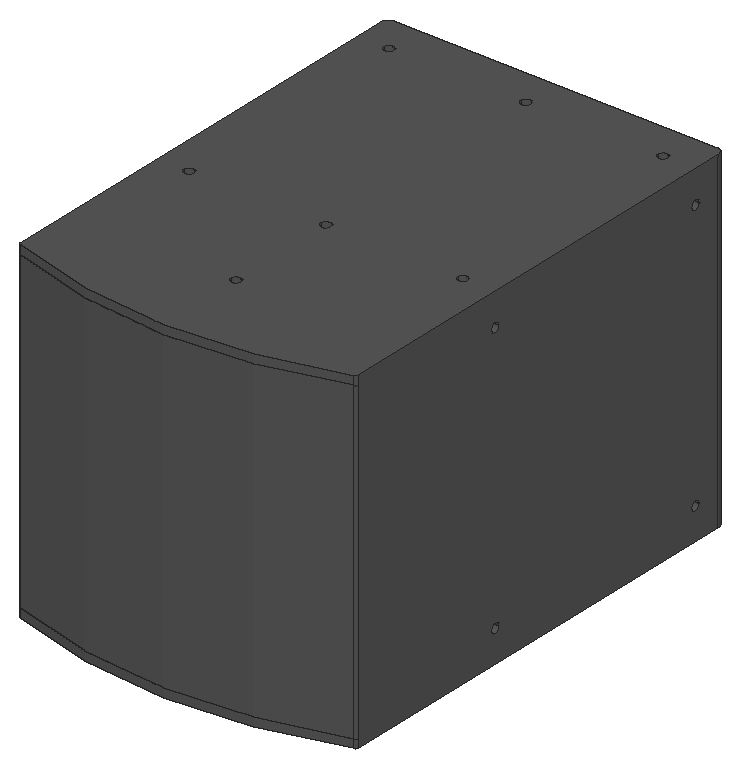
Revit family "1Electronics_Community_Biamp_Subwoofer_IS6-112WR", category Communication Devices, host Face, Revit 2020
Family settings
  Host = Face
  Maintain Annotation Orientation = No
  Round Connector Dimension = Use Diameter
  Part Type = Normal
  OmniClass Number = 23.85.10.11.14.14.14
  OmniClass Title = Loudspeakers
  Cut with Voids When Loaded = No
  Shared = No
  Room Calculation Point = No
Parameters (values of type "IS6-112WR B")
  Width = 14.50"  # constant formula
  Weight = 64.00 lbf  # constant formula
  URL = "https://www.biamp.com/"
  Transducers = "1 x 12 (305mm) double-treated cone with 4 (102mm) inner/outer wound voice coil, ferrite construction"  # constant formula
  Shipping Weight = 72.00 lbf  # constant formula
  Recommended Amplifiers = "Single Amp - 700W - 1400W @ 8 ohms,  (75V - 106V)"  # constant formula
  Product data url = "https://bimobject.com/biamp/product/is6-112wr_community-subwoofer"
  Product Page URL = "https://www.biamp.com/products/product-families/community/community-subwoofers#is6-112wr"
  Product Documentation Link = "https://www.biamp.com/products/product-families/community/community-subwoofers#is6-112wr"
  Operating Range = "39 Hz to 150 Hz  "  # constant formula
  Operating Mode = "Single Amp"  # constant formula
  Operating Environment = "Weather-Resistant Outdoor "  # constant formula
  Nominal Sensitivity = "Half Space - 1W: 100 dB - 2.83V: 100 dB; Whole Space - 1W: 94 dB - 2.83V: 94 dB"  # constant formula
  Nominal Maximum SPL = "Half Space - Peak: 134 dB - Continuous: 128 dB; Whole Space - Peak: 128 dB - Continuous: 122 dB"  # constant formula
  Mounting Points = "(22) M10 threaded rigging points"  # constant formula
  Model = "IS6-112WR B"
  Manufacturer = "Biamp"  # constant formula
  Input Connection = "Screw terminal blocks (4-position)"  # constant formula
  Housing Material = Biamp - Plastic - Black
  Height = 14.30078"  # constant formula
  Grill Material = Biamp - Plastic - Black(Grid)
  Equalized Sensitivity = "Half Space - 1W: 96 dB - 2.83V: 96 dB; Whole Space - 1W: 90 dB - 2.83V: 90 dB"  # constant formula
  Equalized Maximum SPL = "Half Space - Peak: 130 dB - Continuous: 124 dB; Whole Space - Peak: 124 dB - Continuous: 118 dB"  # constant formula
  Environmental = "Outdoor: IP55W per IEC 60529 , MIL-STD-810G"  # constant formula
  Description = "IS6-112WR Medium Power Single 12-Inch Weather-Resistant Subwoofer"  # constant formula
  Depth = 21.00"  # constant formula
  Default Elevation = 48.00"
  Continuous Power Handling  Nominal Impedance = "Single Amp - 75V, 700W @ 8 ohms (2800W peak)"  # constant formula
Types (4): name | Model | Housing Material | Grill Material
  (no name) | "IS6-112WR B" | Biamp - Plastic - Black | Biamp - Plastic - Black(Grid)
  IS6-112WR B | "IS6-112WR B" | Biamp - Plastic - Black | Biamp - Plastic - Black(Grid)
  IS6-112WR W | "IS6-112WR W" | Biamp - Plastic - White | Biamp - Plastic - White(Grid)
  ІS6-112WR G | "ІS6-112WR G" | Biamp - Plastic - Gray | Biamp - Plastic - Gray(Grid)
Reference planes (in)
  plane 1 "Center (Front/Back)": y = 0
  plane 2: z = 0
  plane 3 "Center (Left/Right)": x = 0
  plane 4: y = 10.5
  plane 5: y = -10.5
  plane 6: x = -7.25
  plane 7: x = 7.25
  plane 8: z = 14.30078
  plane 9: z = 7.15039
Forms (in)
  Extrusion 1, solid, material "Biamp - Plastic - Black" <- "Housing Material", detail levels medium+fine
    sketch origin (0, 0, 0) x (1, 0, 0) y (0, 1, 0)
      loop
        arc (-6.875, 10.5) -> (-7.14017, 10.39017) -> (-7.25, 10.125) r 0.375
        line (-7.25, 10.125) -> (-7.25, -9.1097)
        arc (-7.25, -9.1097) -> (-7.19938, -9.18968) -> (-7.11963, -9.24067) r 0.21806
        arc (-7.11963, -9.24067) -> (0, -10.5) -> (7.11963, -9.24067) r 20.75508
        arc (7.11963, -9.24067) -> (7.19938, -9.18968) -> (7.25, -9.1097) r 0.21806
        line (7.25, -9.1097) -> (7.25, 10.125)
        arc (7.25, 10.125) -> (7.14017, 10.39017) -> (6.875, 10.5) r 0.375
        line (6.875, 10.5) -> (-6.875, 10.5)
    from 0 to 14.30078
  Extrusion 2, void
    sketch origin (0, 0, 0) x (1, 0, 0) y (0, 1, 0)
      loop
        circle (-5.87, 8.9) r 0.21654
      loop
        circle (0, 8.9) r 0.21654
      loop
        circle (-5.87, -1.81) r 0.21654
      loop
        circle (0, -1.81) r 0.21654
      loop
        circle (0, -6.63) r 0.21654
      loop
        circle (5.87, 8.9) r 0.21654
      loop
        circle (5.87, -1.81) r 0.21654
    from 13.92578 to 14.30078
  Extrusion 3, void
    sketch origin (0, 0, -13.92578) x (0, -1, 0) y (1, 0, 0)
      loop
        circle (-8.9, -5.87) r 0.21654
      loop
        circle (-8.9, 0) r 0.21654
      loop
        circle (1.81, -5.87) r 0.21654
      loop
        circle (1.81, 0) r 0.21654
      loop
        circle (6.63, 0) r 0.21654
      loop
        circle (-8.9, 5.87) r 0.21654
      loop
        circle (1.81, 5.87) r 0.21654
    from 13.92578 to 14.30078
  Extrusion 4, void
    sketch origin (0, 0, 0) x (0, 1, 0) y (0, 0, 1)
      loop
        circle (8.9, 1.38039) r 0.21654
      loop
        circle (8.9, 12.92039) r 0.21654
      loop
        circle (-1.81, 1.38039) r 0.21654
      loop
        circle (-1.81, 12.92039) r 0.21654
    from 6.875 to 7.25
  Extrusion 5, void
    sketch origin (-0.09961, 0, 0) x (0, 1, 0) y (0, 0, -1)
      loop
        circle (8.9, -1.38039) r 0.21654
      loop
        circle (8.9, -12.92039) r 0.21654
      loop
        circle (-1.81, -1.38039) r 0.21654
      loop
        circle (-1.81, -12.92039) r 0.21654
    from 6.7754 to 7.15039
  Extrusion 6, void
    sketch origin (0, 0, 0) x (1, 0, 0) y (0, 0, 1)
      loop
        circle (0, 12.92078) r 0.21654
      loop
        circle (0, 1.38) r 0.21654
      loop
        line (2.005, 10.68039) -> (-2.005, 10.68039)
        arc (-2.005, 10.68039) -> (-2.09339, 10.64378) -> (-2.13, 10.55539) r 0.125
        line (-2.13, 10.55539) -> (-2.13, 3.74539)
        arc (-2.13, 3.74539) -> (-2.09339, 3.657) -> (-2.005, 3.62039) r 0.125
        line (-2.005, 3.62039) -> (2.005, 3.62039)
        arc (2.005, 3.62039) -> (2.09339, 3.657) -> (2.13, 3.74539) r 0.125
        line (2.13, 3.74539) -> (2.13, 10.55539)
        arc (2.13, 10.55539) -> (2.09339, 10.64378) -> (2.005, 10.68039) r 0.125
    from -10.5 to -10.125
  Extrusion 7, void
    sketch origin (0, 0, 0) x (0, 1, 0) y (0, 0, 1)
      loop
        line (-9.1097, 13.92578) -> (-10.5, 13.92578) -> (-10.5, 0.375) -> (-9.1097, 0.375) -> (-9.1097, 13.92578)
    from -7.25 to 7.26945
  Extrusion 8, solid, material "Biamp - Plastic - Black(Grid)" <- "Grill Material", detail levels medium+fine
    sketch origin (0, 0, 0) x (1, 0, 0) y (0, 1, 0)
      loop
        line (7.25, -9.1097) -> (-7.25, -9.1097)
        arc (-7.25, -9.1097) -> (-7.19938, -9.18968) -> (-7.11963, -9.24067) r 0.21806
        arc (-7.11963, -9.24067) -> (0, -10.5) -> (7.11963, -9.24067) r 20.75508
        arc (7.11963, -9.24067) -> (7.19938, -9.18968) -> (7.25, -9.1097) r 0.21806
    from 0.375 to 13.92578
  Extrusion 9, solid, material "Biamp - Plastic - Black" <- "Housing Material", detail levels medium+fine
    sketch origin (0, 0, 0) x (1, 0, 0) y (0, 0, 1)
      loop
        line (-0.5, 9.68039) -> (-0.5, 9.43039) -> (0.5, 9.43039) -> (0.5, 9.68039) -> (-0.5, 9.68039)
      loop
        line (-0.5, 8.68039) -> (-0.5, 8.43039) -> (0.5, 8.43039) -> (0.5, 8.68039) -> (-0.5, 8.68039)
    from -10.3125 to -10.125
  Extrusion 10, solid, material "Biamp - Plastic - Black" <- "Housing Material", detail levels coarse
    sketch origin (0, 0, 0) x (1, 0, 0) y (0, 1, 0)
      loop
        arc (-6.875, 10.5) -> (-7.14017, 10.39017) -> (-7.25, 10.125) r 0.375
        line (-7.25, 10.125) -> (-7.25, -9.1097)
        arc (-7.25, -9.1097) -> (-7.19938, -9.18968) -> (-7.11963, -9.24067) r 0.21806
        arc (-7.11963, -9.24067) -> (0, -10.5) -> (7.11963, -9.24067) r 20.75508
        arc (7.11963, -9.24067) -> (7.19938, -9.18968) -> (7.25, -9.1097) r 0.21806
        line (7.25, -9.1097) -> (7.25, 10.125)
        arc (7.25, 10.125) -> (7.14017, 10.39017) -> (6.875, 10.5) r 0.375
        line (6.875, 10.5) -> (-6.875, 10.5)
    from 0 to 14.30078
Cuts and joins
  Extrusion 2, Extrusion 3, Extrusion 4, Extrusion 5, Extrusion 6, Extrusion 7 cuts Extrusion 1
Lines and regions (in)
  Masking region 1
    outline origin (0, 0, 0) x (1, 0, 0) y (0, 0, 1)
      loop
        line (-7.25, 14.30078) -> (-7.25, 0) -> (7.25, 0) -> (7.25, 14.30078) -> (-7.25, 14.30078)
  Masking region 2
    outline origin (0, 0, 0) x (0, 1, 0) y (0, 0, 1)
      loop
        line (10.5, 14.30078) -> (-10.5, 14.30078) -> (-10.5, 0) -> (10.5, 0) -> (10.5, 14.30078)
  Masking region 3
    outline origin (0, 0, 0) x (1, 0, 0) y (0, 1, 0)
      loop
        arc (-7.11963, -9.24067) -> (0, -10.5) -> (7.11963, -9.24067) r 20.75508
        arc (7.11963, -9.24067) -> (7.19938, -9.18968) -> (7.25, -9.1097) r 0.21806
        line (7.25, -9.1097) -> (7.25, 10.125)
        arc (7.25, 10.125) -> (7.14017, 10.39017) -> (6.875, 10.5) r 0.375
        line (6.875, 10.5) -> (-6.875, 10.5)
        arc (-6.875, 10.5) -> (-7.14017, 10.39017) -> (-7.25, 10.125) r 0.375
        line (-7.25, 10.125) -> (-7.25, -9.1097)
        arc (-7.25, -9.1097) -> (-7.19938, -9.18968) -> (-7.11963, -9.24067) r 0.21806
  symbolic lines
    curve 1: line (-7.25, 0, 14.30078) -> (7.25, 0, 14.30078)
    curve 2: line (-7.25, 0, 0) -> (-7.25, 0, 14.30078)
    curve 3: line (7.25, 0, 0) -> (-7.25, 0, 0)
    curve 4: line (7.25, 0, 14.30078) -> (7.25, 0, 0)
    curve 5: line (-7.25, 0, 13.92578) -> (7.25, 0, 13.92578)
    curve 6: line (-7.25, 0, 0.375) -> (7.25, 0, 0.375)
    curve 7: arc (-6.875, 10.5, 0) -> (-7.14017, 10.39017, 0) -> (-7.25, 10.125, 0) r 0.375
    curve 8: line (-7.25, 10.125, 0) -> (-7.25, -9.1097, 0)
    curve 9: line (7.25, -9.14366, 0) -> (7.25, 10.125, 0)
    curve 10: arc (7.25, 10.125, 0) -> (7.14017, 10.39017, 0) -> (6.875, 10.5, 0) r 0.375
    curve 11: line (6.875, 10.5, 0) -> (-6.875, 10.5, 0)
    curve 12: arc (-5.65346, 8.9, 0) -> (-5.87, 8.68346, 0) -> (-6.08654, 8.9, 0) r 0.21654
    curve 13: arc (-6.08654, 8.9, 0) -> (-5.87, 9.11654, 0) -> (-5.65346, 8.9, 0) r 0.21654
    curve 14: arc (0.21654, 8.9, 0) -> (0, 8.68346, 0) -> (-0.21654, 8.9, 0) r 0.21654
    curve 15: arc (-0.21654, 8.9, 0) -> (0, 9.11654, 0) -> (0.21654, 8.9, 0) r 0.21654
    curve 16: arc (-5.65346, -1.81, 0) -> (-5.87, -2.02654, 0) -> (-6.08654, -1.81, 0) r 0.21654
    curve 17: arc (-6.08654, -1.81, 0) -> (-5.87, -1.59346, 0) -> (-5.65346, -1.81, 0) r 0.21654
    curve 18: arc (0.21654, -1.81, 0) -> (0, -2.02654, 0) -> (-0.21654, -1.81, 0) r 0.21654
    curve 19: arc (-0.21654, -1.81, 0) -> (0, -1.59346, 0) -> (0.21654, -1.81, 0) r 0.21654
    curve 20: arc (0.21654, -6.63, 0) -> (0, -6.84654, 0) -> (-0.21654, -6.63, 0) r 0.21654
    curve 21: arc (-0.21654, -6.63, 0) -> (0, -6.41346, 0) -> (0.21654, -6.63, 0) r 0.21654
    curve 22: line (0, 10.5, 14.30078) -> (0, -10.5, 14.30078)
    curve 23: line (0, 10.5, 0) -> (0, 10.5, 14.30078)
    curve 24: line (0, -10.5, 0) -> (0, 10.5, 0)
    curve 25: line (0, -10.5, 14.30078) -> (0, -10.5, 0)
    curve 26: arc (0, -1.59346, 12.92039) -> (0, -1.81, 12.70386) -> (0, -2.02654, 12.92039) r 0.21654
    curve 27: arc (0, -2.02654, 12.92039) -> (0, -1.81, 13.13693) -> (0, -1.59346, 12.92039) r 0.21654
    curve 28: arc (0, 9.11654, 12.92039) -> (0, 8.9, 12.70386) -> (0, 8.68346, 12.92039) r 0.21654
    curve 29: arc (0, 8.68346, 12.92039) -> (0, 8.9, 13.13693) -> (0, 9.11654, 12.92039) r 0.21654
    curve 30: arc (0, -1.59346, 1.38039) -> (0, -1.81, 1.16386) -> (0, -2.02654, 1.38039) r 0.21654
    curve 31: arc (0, -2.02654, 1.38039) -> (0, -1.81, 1.59693) -> (0, -1.59346, 1.38039) r 0.21654
    curve 32: arc (0, 9.11654, 1.38039) -> (0, 8.9, 1.16386) -> (0, 8.68346, 1.38039) r 0.21654
    curve 33: arc (0, 8.68346, 1.38039) -> (0, 8.9, 1.59693) -> (0, 9.11654, 1.38039) r 0.21654
    curve 34: line (0, -9.14366, 14.30078) -> (0, -9.14366, 0)
    curve 35: line (0, -9.14366, 0.375) -> (0, -10.5, 0.375)
    curve 36: line (0, -9.14366, 13.92578) -> (0, -10.5, 13.92578)
    curve 37: arc (5.65346, 8.9, 0) -> (5.87, 8.68346, 0) -> (6.08654, 8.9, 0) r 0.21654
    curve 38: arc (6.08654, 8.9, 0) -> (5.87, 9.11654, 0) -> (5.65346, 8.9, 0) r 0.21654
    curve 39: arc (5.65346, -1.81, 0) -> (5.87, -2.02654, 0) -> (6.08654, -1.81, 0) r 0.21654
    curve 40: arc (6.08654, -1.81, 0) -> (5.87, -1.59346, 0) -> (5.65346, -1.81, 0) r 0.21654
Dimensions and locks (in)
  equal spacing: plane 5, plane 1 "Center (Front/Back)", plane 4
  "Depth": plane 4 to plane 5
  equal spacing: plane 6, plane 3 "Center (Left/Right)", plane 7
  "Width": plane 6 to plane 7
  "Height": plane 8 to plane 2
  equal spacing: plane 8, plane 9, plane 2
  aligned and locked: plane 2 to host face
  aligned and locked: level to host face
  aligned and locked: plane 8 to Extrusion 1
  aligned and locked: plane 8 to Extrusion 2
  aligned and locked: plane 7 to Extrusion 4
  aligned and locked: Extrusion 6 to plane 4
  aligned and locked: Extrusion 8 to cut or joined group of Extrusion 1, Extrusion 2, Extrusion 3, Extrusion 4, Extrusion 5, Extrusion 6, Extrusion 7  (x2)
  aligned and locked: cut or joined group of Extrusion 1, Extrusion 2, Extrusion 3, Extrusion 4, Extrusion 5, Extrusion 6, Extrusion 7 to Extrusion 9
  aligned and locked: plane 8 to Extrusion 10
  aligned and locked: Extrusion 10 to plane 2
  aligned and locked: Extrusion 7 to plane 6
Automatic sketch dimensions
  host sketch curve to host sketch curve = 96.00"  (x2)
  Extrusion 9 sketch curve to plane 3 "Center (Left/Right)" = 0.50"  (x2)
  plane 3 "Center (Left/Right)" to Extrusion 9 sketch curve = 0.50"  (x2)
  plane 9 to Extrusion 9 sketch curve = 1.28"
  Extrusion 9 sketch curve to Extrusion 9 sketch curve = 0.25"  (x2)
  Extrusion 9 sketch curve to Extrusion 9 sketch curve = 0.75"
  curve 12 to curve 13 = 0.00"  (x2)
  curve 14 to curve 15 = 0.00"  (x2)
  curve 16 to curve 17 = 0.00"  (x2)
  curve 18 to curve 19 = 0.00"  (x2)
  curve 20 to curve 21 = 0.00"  (x2)
  curve 37 to curve 38 = 0.00"  (x2)
  curve 39 to curve 40 = 0.00"  (x2)
  curve 8 to plane 6 = 0.00"
  plane 4 to curve 7 = 0.00"
  curve 21 to plane 3 "Center (Left/Right)" = 0.00"
  curve 19 to plane 3 "Center (Left/Right)" = 0.00"
  curve 15 to plane 3 "Center (Left/Right)" = 0.00"
  curve 9 to plane 7 = 0.00"
  plane 6 to curve 11 = 0.375"
  plane 6 to curve 17 = 1.38"
  plane 6 to curve 12 = 1.38"
  curve 40 to plane 7 = 1.38"
  curve 37 to plane 7 = 1.38"
  curve 10 to curve 9 = 0.375"
  curve 37 to curve 10 = 1.225"
  curve 12 to curve 7 = 1.225"
  plane 4 to curve 14 = 1.60"
  plane 1 "Center (Front/Back)" to curve 16 = 1.81"
  plane 1 "Center (Front/Back)" to curve 18 = 1.81"
  plane 1 "Center (Front/Back)" to curve 39 = 1.81"
  plane 5 to curve 20 = 3.87"
  curve 17 to curve 16 = 0.21654"
  curve 13 to curve 12 = 0.21654"
  curve 20 to curve 20 = 0.21654"
  curve 14 to curve 14 = 0.21654"
  curve 18 to curve 18 = 0.21654"
  curve 39 to curve 39 = 0.21654"
  curve 38 to curve 37 = 0.21654"
  plane 5 to curve 8 = 1.3903"
  plane 5 to curve 9 = 1.35634"
  curve 26 to curve 27 = 0.00"  (x2)
  curve 28 to curve 29 = 0.00"  (x2)
  curve 30 to curve 31 = 0.00"  (x2)
  curve 32 to curve 33 = 0.00"  (x2)
  curve 22 to plane 5 = 0.00"
  curve 34 to plane 8 = 0.00"
  curve 34 to level = 0.00"
  curve 23 to plane 4 = 0.00"
  plane 1 "Center (Front/Back)" to curve 26 = 1.81"
  plane 1 "Center (Front/Back)" to curve 30 = 1.81"
  plane 4 to curve 33 = 1.60"
  plane 4 to curve 28 = 1.60"
  level to curve 32 = 1.38039"
  level to curve 31 = 1.38039"
  curve 29 to plane 8 = 1.38039"
  curve 27 to plane 8 = 1.38039"
  level to curve 35 = 0.375"
  plane 5 to curve 35 = 1.35634"
  curve 26 to curve 26 = 0.21654"
  curve 31 to curve 30 = 0.21654"
  curve 29 to curve 28 = 0.21654"
  curve 32 to curve 32 = 0.21654"
  curve 36 to plane 8 = 0.375"
  curve 1 to plane 6 = 0.00"
  curve 4 to level = 0.00"
  curve 4 to plane 7 = 0.00"
  curve 1 to plane 8 = 0.00"
  level to curve 6 = 0.375"
  curve 5 to curve 1 = 0.375"
  Extrusion 1 sketch curve to plane 6 = 0.00"
  plane 4 to Extrusion 1 sketch curve = 0.00"
  Extrusion 1 sketch curve to plane 3 "Center (Left/Right)" = 0.00"
  Extrusion 1 sketch curve to plane 7 = 0.00"
  plane 6 to Extrusion 1 sketch curve = 0.20517"
  Extrusion 1 sketch curve to Extrusion 1 sketch curve = 0.375"
  Extrusion 1 sketch curve to plane 7 = 0.375"
  Extrusion 1 sketch curve to plane 7 = 0.20517"
  plane 5 to Extrusion 1 sketch curve = 1.46416"  (x2)
  Extrusion 1 sketch curve to Extrusion 1 sketch curve = 0.07387"  (x2)
  plane 4 to Extrusion 1 sketch curve = 0.24492"
  Extrusion 1 sketch curve to Extrusion 1 sketch curve = 0.00"
  Extrusion 2 sketch curve to plane 3 "Center (Left/Right)" = 0.00"  (x3)
  plane 6 to Extrusion 2 sketch curve = 1.38"  (x2)
  Extrusion 2 sketch curve to plane 7 = 1.38"  (x2)
  plane 5 to Extrusion 2 sketch curve = 3.87"
  plane 1 "Center (Front/Back)" to Extrusion 2 sketch curve = 1.81"  (x3)
  plane 4 to Extrusion 2 sketch curve = 1.60"  (x3)
  Extrusion 3 sketch curve to plane 3 "Center (Left/Right)" = 0.00"  (x3)
  plane 4 to Extrusion 3 sketch curve = 1.60"  (x3)
  plane 1 "Center (Front/Back)" to Extrusion 3 sketch curve = 1.81"  (x3)
  plane 5 to Extrusion 3 sketch curve = 3.87"
  plane 6 to Extrusion 3 sketch curve = 1.38"  (x2)
  Extrusion 3 sketch curve to plane 7 = 1.38"  (x2)
  plane 1 "Center (Front/Back)" to Extrusion 4 sketch curve = 1.81"  (x2)
  plane 4 to Extrusion 4 sketch curve = 1.60"  (x2)
  level to Extrusion 4 sketch curve = 1.38039"  (x2)
  Extrusion 4 sketch curve to plane 8 = 1.38039"  (x2)
  plane 1 "Center (Front/Back)" to Extrusion 5 sketch curve = 1.81"  (x2)
  plane 4 to Extrusion 5 sketch curve = 1.60"  (x2)
  Extrusion 5 sketch curve to plane 8 = 1.38039"  (x2)
  level to Extrusion 5 sketch curve = 1.38039"  (x2)
  Extrusion 6 sketch curve to plane 3 "Center (Left/Right)" = 0.00"  (x2)
  Extrusion 6 sketch curve to plane 3 "Center (Left/Right)" = 2.005"  (x2)
  Extrusion 6 sketch curve to Extrusion 6 sketch curve = 0.125"  (x2)
  plane 3 "Center (Left/Right)" to Extrusion 6 sketch curve = 2.005"  (x2)
  level to Extrusion 6 sketch curve = 1.38"
  Extrusion 6 sketch curve to Extrusion 6 sketch curve = 2.24039"
  plane 9 to Extrusion 6 sketch curve = 3.405"
  Extrusion 6 sketch curve to plane 8 = 1.38"
  Extrusion 7 sketch curve to plane 5 = 0.00"
  level to Extrusion 7 sketch curve = 0.375"
  plane 5 to Extrusion 7 sketch curve = 1.3903"
  Extrusion 7 sketch curve to plane 8 = 0.375"
  Extrusion 8 sketch curve to plane 6 = 0.00"
  Extrusion 8 sketch curve to plane 3 "Center (Left/Right)" = 0.00"
  Extrusion 8 sketch curve to plane 7 = 0.00"
  plane 6 to Extrusion 8 sketch curve = 0.20517"
  Extrusion 8 sketch curve to plane 7 = 0.20517"
  plane 5 to Extrusion 8 sketch curve = 1.3903"
  Extrusion 8 sketch curve to Extrusion 8 sketch curve = 0.07387"  (x2)
  plane 4 to Extrusion 8 sketch curve = 0.24492"
  Extrusion 8 sketch curve to Extrusion 8 sketch curve = 0.00"
  Extrusion 10 sketch curve to plane 6 = 0.00"
  plane 4 to Extrusion 10 sketch curve = 0.00"
  Extrusion 10 sketch curve to plane 3 "Center (Left/Right)" = 0.00"
  Extrusion 10 sketch curve to plane 7 = 0.00"
  plane 6 to Extrusion 10 sketch curve = 0.20517"
  plane 6 to Extrusion 10 sketch curve = 0.375"
  Extrusion 10 sketch curve to Extrusion 10 sketch curve = 0.375"
  Extrusion 10 sketch curve to plane 7 = 0.20517"
  plane 5 to Extrusion 10 sketch curve = 1.46416"  (x2)
  Extrusion 10 sketch curve to Extrusion 10 sketch curve = 0.07387"  (x2)
  plane 4 to Extrusion 10 sketch curve = 0.24492"
  Extrusion 10 sketch curve to Extrusion 10 sketch curve = 0.00"
  Masking region 1 sketch curve to level = 0.00"
  Masking region 1 sketch curve to plane 6 = 0.00"
  Masking region 1 sketch curve to plane 7 = 0.00"
  Masking region 1 sketch curve to plane 8 = 0.00"
  Masking region 2 sketch curve to plane 5 = 0.00"
  Masking region 2 sketch curve to level = 0.00"
  Masking region 2 sketch curve to plane 4 = 0.00"
  Masking region 2 sketch curve to plane 8 = 0.00"
  Masking region 3 sketch curve to plane 6 = 0.00"
  plane 4 to Masking region 3 sketch curve = 0.00"
  Masking region 3 sketch curve to plane 3 "Center (Left/Right)" = 0.00"
  Masking region 3 sketch curve to plane 7 = 0.00"
  plane 6 to Masking region 3 sketch curve = 0.20517"
  Masking region 3 sketch curve to Masking region 3 sketch curve = 0.375"
  Masking region 3 sketch curve to plane 7 = 0.375"
  Masking region 3 sketch curve to plane 7 = 0.20517"
  plane 5 to Masking region 3 sketch curve = 1.46416"  (x2)
  Masking region 3 sketch curve to Masking region 3 sketch curve = 0.07387"  (x2)
  plane 4 to Masking region 3 sketch curve = 0.24492"
  Masking region 3 sketch curve to Masking region 3 sketch curve = 0.00"
  radius of Extrusion 2 sketch curve = 0.21654"  (x7)
  radius of Extrusion 3 sketch curve = 0.21654"  (x7)
  radius of Extrusion 4 sketch curve = 0.21654"  (x4)
  radius of Extrusion 5 sketch curve = 0.21654"  (x4)
  radius of Extrusion 6 sketch curve = 0.21654"  (x2)
Connectors (in)
  electrical at (0.25, 10.3125, 9.55539)
    settings: on Extrusion 9, index 1, voltage 0 V, apparent load 0 VA, apparent load phase1 0 VA, apparent load phase2 0 VA, apparent load phase3 0 VA, power factor 1, load classification "Other", number of poles 1, system type 5, power factor state 1, is connector primary yes, connector utility no, sub classification motor no, connector description "Screw terminal blocks; LF Input"
  electrical at (0.25, 10.3125, 8.55539)
    settings: on Extrusion 9, index 2, voltage 0 V, apparent load 0 VA, apparent load phase1 0 VA, apparent load phase2 0 VA, apparent load phase3 0 VA, power factor 1, load classification "Other", number of poles 1, system type 5, power factor state 1, is connector primary no, connector utility no, sub classification motor no, connector description "Screw terminal blocks; LOOP Input"
  electrical at (-0.25, 10.3125, 9.55539)
    settings: on Extrusion 9, index 3, voltage 0 V, apparent load 0 VA, apparent load phase1 0 VA, apparent load phase2 0 VA, apparent load phase3 0 VA, power factor 1, load classification "Other", number of poles 1, system type 5, power factor state 1, is connector primary no, connector utility no, sub classification motor no, connector description "Screw terminal blocks; LF thru"
  electrical at (-0.25, 10.3125, 8.55539)
    settings: on Extrusion 9, index 4, voltage 0 V, apparent load 0 VA, apparent load phase1 0 VA, apparent load phase2 0 VA, apparent load phase3 0 VA, power factor 1, load classification "Other", number of poles 1, system type 5, power factor state 1, is connector primary no, connector utility no, sub classification motor no, connector description "Screw terminal blocks; LOOP thru"
